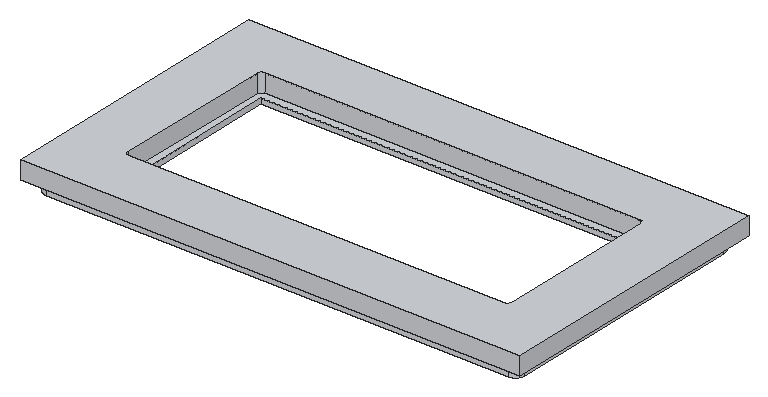
Revit family "Gira_1002127", category Electrical Fixtures, host Face, Revit 2017
Family settings
  Host = Face
  Maintain Annotation Orientation = No
  Round Connector Dimension = Use Diameter
  Part Type = Normal
  Cut with Voids When Loaded = No
  Shared = No
  Room Calculation Point = No
Parameters (values of type "Cov.fr. 2-g w/o cb Gira Esprit alum.brown")
  With mounting grid = "No"
  With hinged lid = "No"
  URL = "http://katalog.gira.de/en/datenblatt.html?artikelnr=1002127"
  Type of fastening = "Clamp mounting"
  Transparent = "No"
  Surface protection = "Other"
  Suitable for wall duct = "No"
  Suitable for flush-mounted installation = "Yes"
  Suitable for floor box = "No"
  Suitable for built-in installation = "No"
  Number of units vertical = "2"
  Number of units horizontal = "2"
  Number of units = "2"
  Name = "Cov.fr. 2-g w/o cb Gira Esprit alum.brown"
  Mounting direction = "Horizontal and vertical"
  Material quality = "Aluminium"
  Material = "Metal"
  Manufacturer URL = "https://www.gira.de/"
  Manufacturer = "Gira"
  Label space/information surface = "No"
  Keynote = ""
  HeinzeBIM = "https://bimportal.heinze.de/bim/cov-fr-2-g-w-o-cb-gira-esprit-alum-brown/83a79831a879e02727ddccbe24784a3f75b49245"
  Halogen free = "Yes"
  HAN = "1002127"
  GTIN = "4010337109136"
  Description = "Cov.fr.2g w o cb Espr. AlBn,Gira Esprit cover frame,aluminium brown,2-gang without crossbar,Features:,- Anodised aluminium E 1. Colour deviations are possible."
  Degree of protection (IP) = "IP20"
  Default Elevation = 1219.2 mm
  Data sheet (1) = "https://katalog.gira.de/en/download.html?artikelnr=1002127"
  Colour = "Brown"
  Category = "Cover frame for domestic switching devices"
  BIM (1) = "https://media.stage.bim.site/public/gira/36a6b08/Espr._Rahmen_2fach o.Mittelsteg.rfa?public/gira/36a6b08/Espr._Rahmen_2fach o.Mittelsteg.rfa"
  Available = "No"
Reference planes
  plane 1 "Center (Front/Back)": y = 0
  plane 2: z = 0
  plane 3 "Center (Left/Right)": x = 0
Forms (mm)
  Extrusion 1, solid, detail levels fine
    sketch origin (0, 0, 0) x (1, 0, 0) y (0, 1, 0)
      loop
        line (-83, 47.5) -> (-83, -47.5) -> (83, -47.5) -> (83, 47.5) -> (-83, 47.5)
      loop
        arc (-63.75, -26.7) -> (-63.311, -27.761) -> (-62.25, -28.2) r 1.5
        line (-62.25, -28.2) -> (62.25, -28.2)
        arc (62.25, -28.2) -> (63.311, -27.761) -> (63.75, -26.7) r 1.5
        line (63.75, -26.7) -> (63.75, 26.7)
        arc (63.75, 26.7) -> (63.311, 27.761) -> (62.25, 28.2) r 1.5
        line (62.25, 28.2) -> (-62.25, 28.2)
        arc (-62.25, 28.2) -> (-63.311, 27.761) -> (-63.75, 26.7) r 1.5
        line (-63.75, 26.7) -> (-63.75, -26.7)
    from 0 to 6
  Extrusion 2, solid, detail levels fine
    sketch origin (0, 0, 0) x (1, 0, 0) y (0, 1, 0)
      loop
        line (-61.518, -25.7) -> (61.45, -25.7) -> (61.45, 25.7) -> (-61.518, 25.7) -> (-61.518, -25.7)
      loop
        arc (-78.55, -41.3) -> (-78.023, -42.573) -> (-76.75, -43.1) r 1.8
        line (-76.75, -43.1) -> (77.95, -43.1)
        arc (77.95, -43.1) -> (79.223, -42.573) -> (79.75, -41.3) r 1.8
        line (79.75, -41.3) -> (79.75, 41.3)
        arc (79.75, 41.3) -> (79.223, 42.573) -> (77.95, 43.1) r 1.8
        line (77.95, 43.1) -> (-76.75, 43.1)
        arc (-76.75, 43.1) -> (-78.023, 42.573) -> (-78.55, 41.3) r 1.8
        line (-78.55, 41.3) -> (-78.55, -41.3)
    from -1.9 to 0
  Extrusion 3, solid, detail levels fine
    sketch origin (0, 0, 0) x (1, 0, 0) y (0, 1, 0)
      loop
        arc (-76.75, 44.4) -> (-78.871, 43.521) -> (-79.75, 41.4) r 3
        line (-79.75, 41.4) -> (-79.75, -41.4)
        arc (-79.75, -41.4) -> (-78.871, -43.521) -> (-76.75, -44.4) r 3
        line (-76.75, -44.4) -> (76.75, -44.4)
        arc (76.75, -44.4) -> (78.871, -43.521) -> (79.75, -41.4) r 3
        line (79.75, -41.4) -> (79.75, 41.4)
        arc (79.75, 41.4) -> (78.871, 43.521) -> (76.75, 44.4) r 3
        line (76.75, 44.4) -> (-76.75, 44.4)
      loop
        arc (-78.55, -41.4) -> (-78.023, -42.673) -> (-76.75, -43.2) r 1.8
        line (-76.75, -43.2) -> (76.75, -43.2)
        arc (76.75, -43.2) -> (78.023, -42.673) -> (78.55, -41.4) r 1.8
        line (78.55, -41.4) -> (78.55, 41.4)
        arc (78.55, 41.4) -> (78.023, 42.673) -> (76.75, 43.2) r 1.8
        line (76.75, 43.2) -> (-76.75, 43.2)
        arc (-76.75, 43.2) -> (-78.023, 42.673) -> (-78.55, 41.4) r 1.8
        line (-78.55, 41.4) -> (-78.55, -41.4)
    from -3.7 to 0
  Extrusion 4, solid, detail levels medium
    sketch origin (0, 0, 0) x (1, 0, 0) y (0, 1, 0)
      loop
        line (-83, 47.5) -> (-83, -47.5) -> (83, -47.5) -> (83, 47.5) -> (-83, 47.5)
    from 0 to 6
  Extrusion 5, solid, detail levels medium
    sketch origin (0, 0, 0) x (1, 0, 0) y (0, 1, 0)
      loop
        line (-79.75, 44.4) -> (-79.75, -44.4) -> (79.75, -44.4) -> (79.75, 44.4) -> (-79.75, 44.4)
    from -3.7 to 0
  Extrusion 6, solid, detail levels coarse
    sketch origin (0, 0, 0) x (1, 0, 0) y (0, 1, 0)
      loop
        line (-83, 47.5) -> (-83, -47.5) -> (83, -47.5) -> (83, 47.5) -> (-83, 47.5)
    from -3.7 to 6
Dimensions and locks
  aligned and locked: plane 2 to host face
  aligned and locked: level to host face
